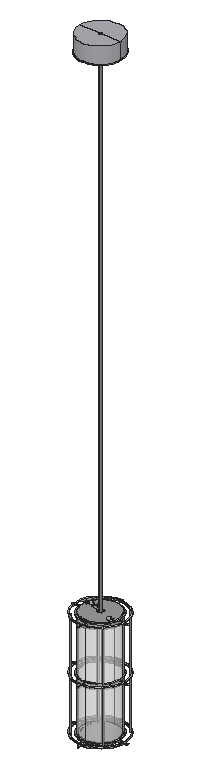
Revit family "Lighting - Lumetta - Pendant - P1415-Full", category Lighting Fixtures, host Ceiling, Revit 2015
Parameters
  Wattage = 19.2793 W
  built-in parameter 1150110 = 1 (stored number, unit not read)
  URL = "https://lumetta.com/luminaires/turret-pendant/"
  Type Comments = "Turret Pendant "  # constant formula
  built-in parameter 1114217 = 1 (stored number, unit not read)
  Top-Bottom Lens Radius [instance] = Fixture Inner Radius - 0' 0 5/32"  # 0' - 2 19/32"
  Top Lens-Material [instance] = Acrylic - 2447 - White
  Top Lens [instance] = yes
  built-in parameter 1150109 = 1 (stored number, unit not read)
  built-in parameter 1150134 = (empty or 0)
  Suspension [instance] = 2
  built-in parameter 1150113 = 1 (stored number, unit not read)
  Stem or Cord with Blst-Drvr in canopy [instance] = or(Suspension = 2, Suspension = 3)  # yes
  Stem Hung-ALL Lamping [instance] = Suspension = 3  # no
  P1415 URL [instance] = "https://lumetta.com/luminaires/turret-pendant/"
  Light Source Symbol Size = 0' - 1"
  Fixture Outer Radius [instance] = 0' - 3 1/2"
  Fixture Inner Radius [instance] = 0' - 2 3/4"
  Fixture Diameter [instance] = 2 * Fixture Inner Radius  # 0' - 5 1/2"
  Coupling-Stems Over 60 inches [instance] = and([Stem Hung-ALL Lamping], Fixture Drop > 5' 0")  # no
  Model = "P1415"  # constant formula
  Manufacturer = "Lumetta, Inc."  # constant formula
  Lumens = 2140 lm
  built-in parameter 1150115 = 1 (stored number, unit not read)
  built-in parameter 1150105 = 170.3 (stored number, unit not read)
  built-in parameter 1150137 = (empty or 0)
  built-in parameter 1150139 = (empty or 0)
  built-in parameter 1150112 = 1 (stored number, unit not read)
  built-in parameter 1150114 = 1 (stored number, unit not read)
  built-in parameter 1150132 = 2
  built-in parameter 1150102 = (empty or 0)
  built-in parameter 1150138 = (empty or 0)
  built-in parameter 1150107 = 3000 (stored number, unit not read)
  built-in parameter 1150106 = 1.703 (stored number, unit not read)
  Frame Finish [instance] = Paint - Lumetta - F02 - PC_Chrome
  Fixture Height [instance] = 1' - 3"
  Fixture Drop [instance] = 6' - 0"
  built-in parameter 1150104 = 10.312 (stored number, unit not read)
  Dimming Lamp Color Temperature Shift = (empty or 0)
  Diffuser Material [instance] = Shade - Lumetta - D61 - MT_White
  Description = "Turret Pendant "  # constant formula
  Cord Hung-Incan-CFL-2 Wire Dimming [instance] = Suspension = 1  # no
  Cord Hung-Blst-Drvr in Canopy [instance] = or(Suspension = 1, Suspension = 2)  # yes
  Bottom Lens-Material [instance] = Acrylic - P95 - Etched White
  Bottom Lens [instance] = yes
  Cord Hung-3 and 4 Wire Dimming-ALL [instance] = Suspension = 2  # yes
  Cord Color [instance] = Cord, Black
  Color Filter = 16777215
  built-in parameter 1114218 = 1 (stored number, unit not read)
  built-in parameter 1150133 = 10 (stored number, unit not read)
Reference planes (in)
  plane 1 "Light Source Axis (F/B)": y = 0
  plane 2 "Ceiling": z = 96
  plane 3 "Light Source Axis (L/R)": x = 0
  plane 4 "Light Source Elevation": z = 21
  plane 5 "Fixture-Top": z = 24
  plane 6 "Fixture-Inner Radius": x = 2.75
  plane 7 "Fixture-Height": z = 9
  plane 8: y = 0
  plane 9: x = 1.9375
  plane 10 "Outer BTM-Flat Plane": z = 10.44187
  plane 11 "Middle Ring": z = 16.5
  plane 12 "Fixture-Outer Radius": x = 3.5
Forms (in)
  Revolve 1, solid, material "Paint - Lumetta - F02 - PC_Chrome" <- "Frame Finish", visible <- "Cord Hung-Incan-CFL-2 Wire Dimming"
    sketch origin (0, 0, 0) x (1, 0, 0) y (0, 0, 1)
      loop
        line (0, 96) -> (0, 95.65) -> (2.125, 95.65)
        arc (2.125, 95.65) -> (2.21339, 95.68661) -> (2.25, 95.775) r 0.125
        line (2.25, 95.775) -> (2.25, 96) -> (0, 96)
      axis (0, 96) -> (0, 95.65)
    angle from 0 to 360
  Extrusion 2, solid, material "Paint - Lumetta - F02 - PC_Chrome" <- "Frame Finish", visible <- "Stem Hung-ALL Lamping"
    sketch origin (0, 0, 24) x (0, -1, 0) y (-1, 0, 0)
      loop
        circle (0, 0) r 0.25
    from 0.05815 to -72
  Revolve 3, solid, material "Paint - Lumetta - F02 - PC_Chrome" <- "Frame Finish", visible <- "Coupling-Stems Over 60 inches"
    sketch origin (0, 0, 0) x (1, 0, 0) y (0, 0, 1)
      loop
        line (0, 86.53023) -> (0, 86) -> (0.26233, 86)
        arc (0.26233, 86) -> (0.31307, 86.05074) -> (0.26233, 86.10149) r 0.05074
        arc (0.26233, 86.10149) -> (0.29304, 86.26499) -> (0.26243, 86.42851) r 0.45126
        arc (0.26243, 86.42851) -> (0.31329, 86.47937) -> (0.26243, 86.53023) r 0.05086
        line (0.26243, 86.53023) -> (0, 86.53023)
      axis (0, 86.53023) -> (0, 86)
    angle from 0 to 360
  Extrusion 4, solid, material "Cord, Black" <- "Cord Color", visible <- "Cord Hung-Blst-Drvr in Canopy"
    sketch origin (0, 0, 24) x (0, -1, 0) y (1, 0, 0)
      loop
        circle (0, 0) r 0.15674
    from -0.05815 to 72
  Extrusion 5, solid, material "Paint - Lumetta - F02 - PC_Chrome" <- "Frame Finish"
    sketch origin (0, 0, 24) x (0, -1, 0) y (1, 0, 0)
      loop
        circle (0, 0) r 0.26562
      loop
        arc (-1.29906, -1.503) -> (-1.30857, -1.55084) -> (-1.29906, -1.59867) r 0.125
        line (-1.29906, -1.59867) -> (-1.20339, -1.82964)
        arc (-1.20339, -1.82964) -> (-1.17629, -1.8702) -> (-1.13574, -1.89729) r 0.125
        line (-1.13574, -1.89729) -> (-0.5385, -2.14468)
        arc (-0.5385, -2.14468) -> (-0.49067, -2.15419) -> (-0.44283, -2.14468) r 0.125
        line (-0.44283, -2.14468) -> (-0.21186, -2.04901)
        arc (-0.21186, -2.04901) -> (-0.17131, -2.02191) -> (-0.14421, -1.98136) r 0.125
        line (-0.14421, -1.98136) -> (1.29906, 1.503)
        arc (1.29906, 1.503) -> (1.30857, 1.55084) -> (1.29906, 1.59867) r 0.125
        line (1.29906, 1.59867) -> (1.20339, 1.82964)
        arc (1.20339, 1.82964) -> (1.17629, 1.8702) -> (1.13574, 1.89729) r 0.125
        line (1.13574, 1.89729) -> (0.5385, 2.14468)
        arc (0.5385, 2.14468) -> (0.49067, 2.15419) -> (0.44283, 2.14468) r 0.125
        line (0.44283, 2.14468) -> (0.21186, 2.04901)
        arc (0.21186, 2.04901) -> (0.17131, 2.02191) -> (0.14421, 1.98136) r 0.125
        line (0.14421, 1.98136) -> (-1.29906, -1.503)
      loop
        circle (0.74145, 1.79002) r 0.07846
      loop
        circle (-0.74145, -1.79002) r 0.07846
    from -0.05815 to 0
  Revolve 6, solid, material "Paint - Lumetta - F02 - PC_Chrome" <- "Frame Finish", visible <- "Cord Hung-Incan-CFL-2 Wire Dimming"
    sketch origin (0, 0, 0) x (1, 0, 0) y (0, 0, 1)
      loop
        line (0, 95.65) -> (0, 95.15) -> (0.28125, 95.15) -> (0.375, 95.65) -> (0, 95.65)
      axis (0, 95.65) -> (0, 95.15)
    angle from 0 to 360
  Revolve 7, solid, material "Paint - Lumetta - F02 - PC_Chrome" <- "Frame Finish", visible <- "Stem or Cord with Blst-Drvr in canopy"
    sketch origin (0, 0, 0) x (1, 0, 0) y (0, 0, 1)
      loop
        line (1.9375, 93.72) -> (1.9375, 93.37095)
        arc (1.9375, 93.37095) -> (2.11821, 93.50953) -> (2.03125, 93.72) r 0.18712
        line (2.03125, 93.72) -> (1.9375, 93.72)
      axis (1.9375, 93.72) -> (1.9375, 93.37095)
    angle from 0 to 360
  Revolve 8, solid, material "Paint - Lumetta - F02 - PC_Chrome" <- "Frame Finish", visible <- "Stem or Cord with Blst-Drvr in canopy"
    sketch origin (0, 0, 0) x (-1, 0, 0) y (0, 0, 1)
      loop
        line (1.9375, 93.72) -> (1.9375, 93.37095)
        arc (1.9375, 93.37095) -> (2.11821, 93.50953) -> (2.03125, 93.72) r 0.18712
        line (2.03125, 93.72) -> (1.9375, 93.72)
      axis (1.9375, 93.72) -> (1.9375, 93.37095)
    angle from 0 to 360
  Revolve 9, solid, material "Paint - Lumetta - F02 - PC_Chrome" <- "Frame Finish"
    sketch origin (0, 0, 0) x (1, 0, 0) y (0, 0, 1)
      loop
        circle (2.6825, 23.9325) r 0.0675
      axis (0, 23.9325) -> (0, 23.89313)
    angle from 0 to 360
  Revolve 10, solid, material "Paint - Lumetta - F02 - PC_Chrome" <- "Frame Finish"
    sketch origin (0, 0, 0) x (1, 0, 0) y (0, 0, 1)
      loop
        circle (2.6825, 9.0675) r 0.0675
      axis (0, 9.0675) -> (0, 9.02813)
    angle from 0 to 360
  Extrusion 11, solid, material "Paint - Lumetta - F02 - PC_Chrome" <- "Frame Finish"
    sketch origin (0, 0, 24) x (0, -1, 0) y (1, 0, 0)
      loop
        line (0.14198, 1.64934) -> (1.06586, 1.26666) -> (1.4705, 2.24353)
        arc (1.4705, 2.24353) -> (1.02655, 2.47831) -> (0.54662, 2.62622) r 2.6825
        line (0.54662, 2.62622) -> (0.14198, 1.64934)
      loop
        circle (0.74145, 1.79002) r 0.09375
      loop
        line (-1.06586, -1.26666) -> (-1.4705, -2.24353)
        arc (-1.4705, -2.24353) -> (-1.02655, -2.47831) -> (-0.54662, -2.62622) r 2.6825
        line (-0.54662, -2.62622) -> (-0.14198, -1.64934) -> (-1.06586, -1.26666)
      loop
        circle (-0.74145, -1.79002) r 0.09375
    from 0 to 0.07325
  Revolve 12, solid, material "Paint - Lumetta - F02 - PC_Chrome" <- "Frame Finish", visible <- "Stem Hung-ALL Lamping"
    sketch origin (0, 0, 0) x (1, 0, 0) y (0, 0, 1)
      loop
        line (0, 96.0012) -> (0, 93.40625) -> (0.34988, 93.40625)
        arc (0.34988, 93.40625) -> (0.49124, 93.54417) -> (0.58115, 93.72) r 0.61026
        line (0.58115, 93.72) -> (3, 93.72) -> (3, 93.78) -> (2.875, 93.78) -> (2.875, 96.0012) -> (0, 96.0012)
      axis (0, 96.0012) -> (0, 93.40625)
    angle from 0 to 360
  Revolve 13, solid, material "Paint - Lumetta - F02 - PC_Chrome" <- "Frame Finish"
    sketch origin (0, 0, 6.25) x (1, 0, 0) y (0, 0, 1)
      loop
        circle (2.6825, 10.25) r 0.0675
      axis (0, 10.25) -> (0, 10.21063)
    angle from 0 to 360
  Extrusion 14, solid, material "Paint - Lumetta - F02 - PC_Chrome" <- "Frame Finish"
    sketch origin (0, 0, 24) x (0, -1, 0) y (1, 0, 0)
      loop
        circle (1.80153, 1.80153) r 0.0675
      loop
        circle (2.33755, 2.33755) r 0.0675
      loop
        circle (1.80153, -1.80153) r 0.0675
      loop
        circle (2.33755, -2.33755) r 0.0675
      loop
        circle (-1.80153, -1.80153) r 0.0675
      loop
        circle (-2.33755, -2.33755) r 0.0675
      loop
        circle (-1.80153, 1.80153) r 0.0675
      loop
        circle (-2.33755, 2.33755) r 0.0675
    from 0 to -15
  Revolve 15, solid, material "Paint - Lumetta - F02 - PC_Chrome" <- "Frame Finish"
    sketch origin (0, 0, 0) x (-0.92388, 0.382683, 0) y (0, 0, 1)
      loop
        arc (2.0625, 24.07325) -> (2.11266, 24.27991) -> (1.9375, 24.4005) r 0.1875
        line (1.9375, 24.4005) -> (1.9375, 24.07325) -> (2.0625, 24.07325)
      axis (1.9375, 24.4005) -> (1.9375, 24.07325)
    angle from 0 to 360
  Extrusion 16, solid, material "Shade - Lumetta - D61 - MT_White" <- "Diffuser Material"
    sketch origin (0, 0, 24) x (0, -1, 0) y (1, 0, 0)
      loop
        circle (0, 0) r 2.48
      loop
        circle (0, 0) r 2.44875
    from -15 to 0
  Extrusion 17, solid, material "Paint - Lumetta - F02 - PC_Chrome" <- "Frame Finish", visible <- "Bottom Lens"
    sketch origin (0, 0, 13) x (0, -1, 0) y (1, 0, 0)
      loop
        circle (0, 0) r 2.65625
      loop
        circle (0, 0) r 2.15625
    from -4.05888 to -4
  Extrusion 18, solid, material "Acrylic - P95 - Etched White" <- "Bottom Lens-Material", visible <- "Bottom Lens"
    sketch origin (0, 0, 9) x (0, -1, 0) y (1, 0, 0)
      loop
        circle (0, 0) r 2.40625
    from 0 to 0.11365
  Extrusion 19, solid, material "Acrylic - 2447 - White" <- "Top Lens-Material", visible <- "Top Lens"
    sketch origin (0.01229, 0, 24.07325) x (0, -1, 0) y (1, 0, 0)
      loop
        arc (0.69779, 2.3798) -> (0.69609, 2.4314) -> (0.65614, 2.46411) r 0.0625
        arc (0.65614, 2.46411) -> (-2.3532, 0.98339) -> (-1.29245, -2.19836) r 2.55
        arc (-1.29245, -2.19836) -> (-1.24092, -2.20373) -> (-1.20304, -2.16839) r 0.0625
        line (-1.20304, -2.16839) -> (-0.40914, -0.25173)
        arc (-0.40914, -0.25173) -> (-0.39963, -0.20525) -> (-0.40813, -0.15857) r 0.125
        arc (-0.40813, -0.15857) -> (0.16702, 0.40428) -> (0.17571, -0.4004) r 0.4375
        arc (0.17571, -0.4004) -> (0.13669, -0.4274) -> (0.11055, -0.46699) r 0.125
        line (0.11055, -0.46699) -> (-0.68336, -2.38365)
        arc (-0.68336, -2.38365) -> (-0.68156, -2.43543) -> (-0.64132, -2.46806) r 0.0625
        arc (-0.64132, -2.46806) -> (2.35857, -0.96829) -> (1.27767, 2.20666) r 2.55
        arc (1.27767, 2.20666) -> (1.2263, 2.21178) -> (1.1886, 2.1765) r 0.0625
        line (1.1886, 2.1765) -> (0.98645, 1.68845)
        arc (0.98645, 1.68845) -> (0.63939, 1.54469) -> (0.49564, 1.89175) r 0.26562
        line (0.49564, 1.89175) -> (0.69779, 2.3798)
    from 0 to 0.05449
  Revolve 20, solid, material "Paint - Lumetta - F02 - PC_Chrome" <- "Frame Finish", visible <- "Cord Hung-3 and 4 Wire Dimming-ALL"
    sketch origin (0, 0, -2.02309) x (1, 0, 0) y (0, 0, 1)
      loop
        line (0, 95.74309) -> (0, 95.24309) -> (0.28125, 95.24309) -> (0.375, 95.74309) -> (0, 95.74309)
      axis (0, 95.74309) -> (0, 95.24309)
    angle from 0 to 360
  Revolve 21, solid, material "Paint - Lumetta - F02 - PC_Chrome" <- "Frame Finish", visible <- "Cord Hung-3 and 4 Wire Dimming-ALL"
    sketch origin (0, 0, 0) x (1, 0, 0) y (0, 0, 1)
      loop
        line (0, 96) -> (0, 93.72) -> (3, 93.72) -> (3, 93.78125) -> (2.875, 93.78125) -> (2.875, 96) -> (0, 96)
      axis (0, 96) -> (0, 93.72)
    angle from 0 to 360
  Revolve 22, solid
    sketch origin (0, 0, 0) x (1, 0, 0) y (0, 0, 1)
      loop
        circle (3.4325, 23.9325) r 0.0675
      loop
        circle (3.4325, 16.5) r 0.0675
      loop
        circle (3.4325, 9.0675) r 0.0675
      axis (0, 23.9325) -> (0, 9.0675)
    angle from 0 to 360
  Revolve 23, solid, material "Paint - Lumetta - F02 - PC_Chrome" <- "Frame Finish"
    sketch origin (0, 0, 0) x (0.92388, -0.382683, 0) y (0, 0, 1)
      loop
        arc (2.0625, 24.07325) -> (2.11266, 24.27991) -> (1.9375, 24.4005) r 0.1875
        line (1.9375, 24.4005) -> (1.9375, 24.07325) -> (2.0625, 24.07325)
      axis (1.9375, 24.4005) -> (1.9375, 24.07325)
    angle from 0 to 360
  Extrusion 24, solid
    sketch origin (0, 0, 0) x (1, 0, 0) y (0, 0, 1)
      loop
        circle (0, 23.7975) r 0.0675
      loop
        circle (0, 16.365) r 0.0675
      loop
        circle (0, 8.9325) r 0.0675
    from 2.6555 to 3.8461
  Extrusion 25, solid
    sketch origin (0, 0, 0) x (0, 1, 0) y (0, 0, 1)
      loop
        circle (0, 23.7975) r 0.0675
      loop
        circle (0, 16.365) r 0.0675
      loop
        circle (0, 8.9325) r 0.0675
    from 2.6555 to 3.8461
  Extrusion 26, solid
    sketch origin (0, 0, 0) x (-1, 0, 0) y (0, 0, 1)
      loop
        circle (0, 23.7975) r 0.0675
      loop
        circle (0, 16.365) r 0.0675
      loop
        circle (0, 8.9325) r 0.0675
    from 2.6555 to 3.8461
  Extrusion 27, solid
    sketch origin (0, 0, 0) x (0, -1, 0) y (0, 0, 1)
      loop
        circle (0, 23.7975) r 0.0675
      loop
        circle (0, 16.365) r 0.0675
      loop
        circle (0, 8.9325) r 0.0675
    from 2.6555 to 3.8461
Lines and regions (in)
  reference lines
    curve 1: line (0, 0, 24) -> (3.28245, -3.28245, 24)
Dimensions and locks (in)
  equal spacing: host sketch curve, plane 3 "Light Source Axis (L/R)", host sketch curve
  equal spacing: host sketch curve, plane 1 "Light Source Axis (F/B)", host sketch curve
  host sketch curve to host sketch curve = 10' - 0"  (x2)
  "Fixture Drop": plane 2 "Ceiling" to plane 5 "Fixture-Top"
  plane 5 "Fixture-Top" to plane 4 "Light Source Elevation" = 0' - 3"
  "Fixture Inner Radius": plane 6 "Fixture-Inner Radius" to plane 3 "Light Source Axis (L/R)"
  "Fixture Height": plane 5 "Fixture-Top" to plane 7 "Fixture-Height"
  locked: Extrusion 2 sketch curve to imposter light
  locked: Extrusion 2 sketch curve to imposter light at 0
  Revolve 3 sketch curve to Revolve 3 sketch curve = 0' - 0.15822"
  locked: Revolve 3 sketch curve to Revolve 3 sketch curve at 0.53023
  locked: Revolve 3 sketch curve to Revolve 3 sketch curve at 0.26243
  locked: Revolve 3 sketch curve to Revolve 3 sketch curve at 0.26233
  locked: Revolve 3 sketch curve to Revolve 3 sketch curve at 0.05074
  locked: Revolve 3 sketch curve to Revolve 3 sketch curve at 0.47937
  locked: Revolve 3 sketch curve to Revolve 3 sketch curve at 0.26512
  locked: Revolve 1 to Revolve 6 sketch curve at 0.5
  plane 5 "Fixture-Top" to Revolve 9 sketch curve = 0' - 0.0675"
  locked: Extrusion 11 sketch curve to Extrusion 11 sketch curve at 1
  locked: Extrusion 11 to plane 5 "Fixture-Top" at 0.07325
  locked: plane 5 "Fixture-Top" to Extrusion 5 at 0.05815
  locked: Revolve 12 sketch curve to Revolve 12 sketch curve at 2.875
  locked: Revolve 12 sketch curve to Revolve 12 sketch curve at 0.31375
  locked: plane 2 "Ceiling" to Revolve 12 sketch curve at 2.28
  locked: Revolve 12 sketch curve to plane 3 "Light Source Axis (L/R)" at 0
  locked: Revolve 12 sketch curve to plane 2 "Ceiling" at 0.0012
  locked: plane 5 "Fixture-Top" to plane 10 "Outer BTM-Flat Plane" at 13.55813
  locked: plane 2 "Ceiling" to Revolve 1 sketch curve at 0.35
  locked: Revolve 1 sketch curve to plane 2 "Ceiling"
  locked: Revolve 1 sketch curve to plane 3 "Light Source Axis (L/R)" at 2.25
  locked: plane 2 "Ceiling" to Revolve 6 sketch curve at 0.35
  locked: Revolve 10 sketch curve to plane 7 "Fixture-Height" at 0.0675
  locked: plane 6 "Fixture-Inner Radius" to Revolve 10 sketch curve at 0.0675
  locked: Extrusion 11 sketch curve to Extrusion 11 sketch curve at 3.15625
  locked: Extrusion 11 sketch curve to Extrusion 11 sketch curve at 3.875
  locked: plane 5 "Fixture-Top" to plane 11 "Middle Ring" at 7.5
  locked: plane 6 "Fixture-Inner Radius" to Revolve 13 sketch curve at 0.0675
  locked: Revolve 13 sketch curve to plane 11 "Middle Ring"
  locked: Revolve 15 sketch curve to Revolve 15 sketch curve at 0.13975
  Revolve 15 sketch curve to Extrusion 11 = 0' - 0"
  locked: plane 7 "Fixture-Height" to Extrusion 17 at 0.05888
  locked: Extrusion 18 to plane 7 "Fixture-Height" at 0.11365
  locked: Extrusion 19 to Extrusion 19 at 0.05449
  locked: Revolve 12 sketch curve to plane 3 "Light Source Axis (L/R)" at 3
  locked: Revolve 21 sketch curve to plane 2 "Ceiling"
  locked: plane 3 "Light Source Axis (L/R)" to Revolve 21 sketch curve at 2.875
  locked: plane 2 "Ceiling" to Revolve 21 sketch curve at 2.28
  locked: Revolve 21 sketch curve to Revolve 21 sketch curve at 0.06125
  locked: Revolve 21 sketch curve to Revolve 21 sketch curve at 0.125
  locked: Revolve 21 sketch curve to plane 3 "Light Source Axis (L/R)" at 0
  locked: Revolve 20 sketch curve to Revolve 20 sketch curve at 0.5
  locked: Revolve 20 sketch curve to Revolve 20 sketch curve at 0
  locked: Revolve 20 sketch curve to Revolve 20 sketch curve at 0.375
  locked: Revolve 20 sketch curve to Revolve 20 sketch curve at 0.28125
  locked: plane 2 "Ceiling" to Revolve 20 sketch curve at 2.28
  locked: Extrusion 17 to plane 7 "Fixture-Height" at 0
  "Fixture Outer Radius": plane 3 "Light Source Axis (L/R)" to plane 12 "Fixture-Outer Radius"
  locked: Revolve 22 sketch curve to plane 12 "Fixture-Outer Radius" at 0.0675  (x3)
  locked: plane 5 "Fixture-Top" to Revolve 22 sketch curve at 0.0675
  locked: plane 6 "Fixture-Inner Radius" to Revolve 9 sketch curve at 0.0675
  locked: plane 5 "Fixture-Top" to Revolve 9 sketch curve at 0.0675
  Revolve 22 sketch curve to plane 11 "Middle Ring" = 0' - 0"
  locked: Revolve 22 sketch curve to plane 7 "Fixture-Height" at 0.0675
  locked: plane 3 "Light Source Axis (L/R)" to Extrusion 14 sketch curve at 2.33755
  locked: plane 8 to Extrusion 14 sketch curve at 1.80153
  locked: plane 8 to Extrusion 14 sketch curve at 2.33755
  locked: plane 3 "Light Source Axis (L/R)" to Extrusion 14 sketch curve at 1.80153
  locked: Revolve 23 sketch curve to Revolve 23 sketch curve at 0.13975
  locked: Extrusion 24 sketch curve to plane 3 "Light Source Axis (L/R)" at 0  (x3)
  locked: plane 7 "Fixture-Height" to Extrusion 24 sketch curve at 0.0675
  locked: plane 11 "Middle Ring" to Extrusion 24 sketch curve at 0.135
  locked: plane 5 "Fixture-Top" to Extrusion 24 sketch curve at 0.2025
  locked: curve 1 to plane 8 (angle 45.00°)
  aligned and locked: plane 3 "Light Source Axis (L/R)" to imposter light
  aligned and locked: plane 1 "Light Source Axis (F/B)" to imposter light
  aligned and locked: plane 4 "Light Source Elevation" to imposter light
  aligned and locked: Revolve 3 sketch curve to Revolve 3 sketch curve  (x2)
  aligned and locked: host ceiling to Extrusion 2
  aligned and locked: host ceiling to Extrusion 4
  aligned and locked: Extrusion 5 to Extrusion 2
  aligned and locked: Revolve 7 sketch curve to plane 9
  aligned and locked: Revolve 10 sketch curve to plane 3 "Light Source Axis (L/R)"
  aligned and locked: plane 5 "Fixture-Top" to Extrusion 11
  aligned and locked: Extrusion 5 to plane 5 "Fixture-Top"
  aligned and locked: plane 7 "Fixture-Height" to Extrusion 14
  aligned and locked: Extrusion 16 to plane 5 "Fixture-Top"
  aligned and locked: plane 7 "Fixture-Height" to Extrusion 18
  aligned and locked: Extrusion 19 to Extrusion 11
  aligned and locked: plane 7 "Fixture-Height" to Extrusion 16
  aligned and locked: Extrusion 2 to Extrusion 4
Automatic sketch dimensions
  Revolve 1 sketch curve to plane 3 "Light Source Axis (L/R)" = 0' - 0"  (x2)
  Revolve 1 sketch curve to Revolve 1 sketch curve = 0' - 0 1/8"
  Revolve 1 sketch curve to plane 5 "Fixture-Top" = 0' - 1 1/4"
  plane 2 "Ceiling" to Revolve 1 sketch curve = 0' - 9 3/4"
  Revolve 3 sketch curve to plane 3 "Light Source Axis (L/R)" = 0' - 0"
  Revolve 3 sketch curve to plane 2 "Ceiling" = 0' - 10"
  Revolve 3 sketch curve to Revolve 3 sketch curve = 0' - 11.34317"
  plane 1 "Light Source Axis (F/B)" to Extrusion 4 sketch curve = 0' - 0"
  Extrusion 4 sketch curve to plane 3 "Light Source Axis (L/R)" = 0' - 0"
  Revolve 6 sketch curve to plane 3 "Light Source Axis (L/R)" = 0' - 0"  (x2)
  Revolve 6 sketch curve to Revolve 6 sketch curve = 0' - 0 9/32"
  Revolve 6 sketch curve to Revolve 6 sketch curve = 0' - 0 3/8"
  Revolve 6 sketch curve to Revolve 6 sketch curve = 0' - 1 1/4"
  plane 2 "Ceiling" to Revolve 6 sketch curve = 0' - 6 11/16"
  Revolve 7 sketch curve to plane 9 = 0' - 0"
  plane 9 to Revolve 7 sketch curve = 0' - 0 3/32"
  Revolve 7 sketch curve to plane 2 "Ceiling" = 0' - 2.62905"
  Revolve 7 sketch curve to Revolve 7 sketch curve = 0' - 0.18712"
  Revolve 7 sketch curve to Revolve 7 sketch curve = 0' - 1.15095"
  plane 2 "Ceiling" to Revolve 7 sketch curve = 0' - 0.72"
  plane 3 "Light Source Axis (L/R)" to Revolve 8 sketch curve = 0' - 1 15/16"
  Revolve 8 sketch curve to Revolve 8 sketch curve = 0' - 0 3/32"
  plane 2 "Ceiling" to Revolve 8 sketch curve = 0' - 2.62905"
  Revolve 8 sketch curve to Revolve 8 sketch curve = 0' - 0.18712"
  Revolve 8 sketch curve to Revolve 8 sketch curve = 0' - 0"
  Revolve 8 sketch curve to Revolve 8 sketch curve = 0' - 1.15095"
  Revolve 8 sketch curve to plane 2 "Ceiling" = 0' - 0.72"
  Revolve 9 sketch curve to plane 3 "Light Source Axis (L/R)" = 0' - 0"
  Revolve 9 sketch curve to plane 4 "Light Source Elevation" = 0' - 0 1/2"
  Revolve 9 sketch curve to plane 5 "Fixture-Top" = 0' - 2 1/2"
  level to Revolve 10 sketch curve = 0' - 0 3/4"
  Revolve 12 sketch curve to plane 3 "Light Source Axis (L/R)" = 0' - 0"  (x2)
  Revolve 12 sketch curve to Revolve 12 sketch curve = 0' - 0.34988"
  Revolve 12 sketch curve to Revolve 12 sketch curve = 0' - 0.23126"
  Revolve 12 sketch curve to Revolve 12 sketch curve = 0' - 0.06"
  Revolve 12 sketch curve to Revolve 12 sketch curve = 0' - 1.7488"
  Revolve 12 sketch curve to Revolve 12 sketch curve = 0' - 2 1/2"
  Revolve 13 sketch curve to plane 3 "Light Source Axis (L/R)" = 0' - 0"
  Revolve 13 sketch curve to plane 10 "Outer BTM-Flat Plane" = 0' - 3.44187"
  Revolve 13 sketch curve to plane 4 "Light Source Elevation" = 0' - 0 1/2"
  Extrusion 16 sketch curve to Extrusion 16 sketch curve = 0' - 0"  (x2)
  plane 1 "Light Source Axis (F/B)" to Extrusion 16 sketch curve = 0' - 0"
  Extrusion 16 sketch curve to plane 3 "Light Source Axis (L/R)" = 0' - 0"
  Extrusion 17 sketch curve to Extrusion 17 sketch curve = 0' - 0"  (x2)
  plane 1 "Light Source Axis (F/B)" to Extrusion 17 sketch curve = 0' - 0"
  Extrusion 17 sketch curve to plane 3 "Light Source Axis (L/R)" = 0' - 0"
  plane 1 "Light Source Axis (F/B)" to Extrusion 18 sketch curve = 0' - 0"
  Extrusion 18 sketch curve to plane 3 "Light Source Axis (L/R)" = 0' - 0"
  Revolve 21 sketch curve to plane 3 "Light Source Axis (L/R)" = 0' - 0"
  Revolve 21 sketch curve to Revolve 21 sketch curve = 0' - 10.47"
  plane 2 "Ceiling" to Revolve 21 sketch curve = 1' - 0"
  Revolve 20 sketch curve to plane 3 "Light Source Axis (L/R)" = 0' - 0"
  Revolve 20 sketch curve to Revolve 20 sketch curve = 0' - 1.34309"
  plane 2 "Ceiling" to Revolve 20 sketch curve = 0' - 4.66441"
  plane 10 "Outer BTM-Flat Plane" to Revolve 10 sketch curve = 0' - 1.30813"
  Revolve 22 sketch curve to plane 3 "Light Source Axis (L/R)" = 0' - 0"
  plane 4 "Light Source Elevation" to Revolve 22 sketch curve = 0' - 0.83761"
  Revolve 22 sketch curve to plane 4 "Light Source Elevation" = 0' - 1 1/4"
  plane 1 "Light Source Axis (F/B)" to curve 1 = 0' - 0"
  curve 1 to plane 3 "Light Source Axis (L/R)" = 0' - 0"
  plane 1 "Light Source Axis (F/B)" to Extrusion 14 sketch curve = 0' - 1.80153"
  Extrusion 14 sketch curve to plane 1 "Light Source Axis (F/B)" = 0' - 1.80153"  (x2)
  Extrusion 14 sketch curve to plane 9 = 0' - 0.13597"
  Extrusion 14 sketch curve to Extrusion 14 sketch curve = 0' - 0.53602"  (x5)
  Extrusion 14 sketch curve to plane 3 "Light Source Axis (L/R)" = 0' - 1.80153"  (x2)
  plane 9 to Extrusion 14 sketch curve = 0' - 0.40005"
  Extrusion 11 sketch curve to Extrusion 11 sketch curve = 0' - 0"  (x2)
  plane 1 "Light Source Axis (F/B)" to Extrusion 11 sketch curve = 0' - 0"
  Extrusion 11 sketch curve to plane 3 "Light Source Axis (L/R)" = 0' - 0"
  Extrusion 11 sketch curve to plane 1 "Light Source Axis (F/B)" = 0' - 0.14198"
  Extrusion 11 sketch curve to plane 1 "Light Source Axis (F/B)" = 0' - 0.54662"
  Extrusion 11 sketch curve to Extrusion 11 sketch curve = 0' - 0.32441"
  Extrusion 11 sketch curve to plane 6 "Fixture-Inner Radius" = 0' - 0.12378"
  Extrusion 11 sketch curve to plane 9 = 0' - 0.14748"
  Extrusion 11 sketch curve to Extrusion 11 sketch curve = 0' - 0.59947"  (x2)
  Extrusion 11 sketch curve to Extrusion 11 sketch curve = 0' - 0.72905"
  plane 1 "Light Source Axis (F/B)" to Extrusion 11 sketch curve = 0' - 0.14198"
  Extrusion 11 sketch curve to plane 9 = 0' - 0.67084"
  Extrusion 19 sketch curve to Extrusion 19 sketch curve = 0' - 0"  (x9)
  Extrusion 19 sketch curve to plane 1 "Light Source Axis (F/B)" = 0' - 1.26078"
  Extrusion 19 sketch curve to Extrusion 19 sketch curve = 0' - 0.05774"  (x4)
  Extrusion 19 sketch curve to Extrusion 19 sketch curve = 0' - 0.51968"
  Extrusion 19 sketch curve to plane 3 "Light Source Axis (L/R)" = 0' - 0.19161"
  Extrusion 19 sketch curve to plane 1 "Light Source Axis (F/B)" = 0' - 0.52462"
  Extrusion 19 sketch curve to Extrusion 19 sketch curve = 0' - 0.11548"  (x2)
  Extrusion 19 sketch curve to plane 1 "Light Source Axis (F/B)" = 0' - 0.00041"
  plane 1 "Light Source Axis (F/B)" to Extrusion 19 sketch curve = 0' - 0.11055"
  Extrusion 19 sketch curve to plane 9 = 0' - 0.03346"
  plane 1 "Light Source Axis (F/B)" to Extrusion 19 sketch curve = 0' - 0.49564"
  Extrusion 19 sketch curve to Extrusion 19 sketch curve = 0' - 0.14442"
  Extrusion 19 sketch curve to plane 9 = 0' - 0.13511"
  Extrusion 19 sketch curve to Extrusion 19 sketch curve = 0' - 0.24541"
  Extrusion 19 sketch curve to plane 9 = 0' - 0.23676"
  plane 9 to Extrusion 19 sketch curve = 0' - 0.25129"
  Extrusion 19 sketch curve to Extrusion 19 sketch curve = 0' - 0.20216"
  Extrusion 19 sketch curve to Extrusion 19 sketch curve = 0' - 0.04784"  (x2)
  Extrusion 19 sketch curve to plane 3 "Light Source Axis (L/R)" = 0' - 0.4547"
  Extrusion 19 sketch curve to Extrusion 19 sketch curve = 0' - 1.89274"
  Extrusion 19 sketch curve to Extrusion 19 sketch curve = 0' - 0.02392"  (x4)
  Extrusion 19 sketch curve to Extrusion 19 sketch curve = 0' - 0.21526"
  plane 3 "Light Source Axis (L/R)" to Extrusion 19 sketch curve = 0' - 0.01237"
  Extrusion 19 sketch curve to plane 6 "Fixture-Inner Radius" = 0' - 0.35791"
  plane 1 "Light Source Axis (F/B)" to Extrusion 5 sketch curve = 0' - 0"
  Extrusion 5 sketch curve to plane 3 "Light Source Axis (L/R)" = 0' - 0"
  Extrusion 5 sketch curve to plane 1 "Light Source Axis (F/B)" = 0' - 0.14421"
  Extrusion 5 sketch curve to Extrusion 5 sketch curve = 0' - 0.06765"  (x3)
  Extrusion 5 sketch curve to Extrusion 5 sketch curve = 0' - 0.04784"  (x8)
  Extrusion 5 sketch curve to Extrusion 5 sketch curve = 0' - 0.23097"  (x3)
  Extrusion 5 sketch curve to Extrusion 5 sketch curve = 0' - 0.09567"  (x4)
  Extrusion 5 sketch curve to Extrusion 5 sketch curve = 0' - 0.25078"  (x2)
  Extrusion 5 sketch curve to Extrusion 5 sketch curve = 0' - 0.34645"  (x2)
  Extrusion 5 sketch curve to Extrusion 5 sketch curve = 0' - 0.11548"  (x3)
  Extrusion 5 sketch curve to Extrusion 5 sketch curve = 0' - 0"  (x2)
  plane 9 to Extrusion 5 sketch curve = 0' - 0.04386"
  plane 1 "Light Source Axis (F/B)" to Extrusion 5 sketch curve = 0' - 0.14421"
  plane 9 to Extrusion 5 sketch curve = 0' - 0.11151"
  Extrusion 5 sketch curve to plane 9 = 0' - 0.00398"
  plane 9 to Extrusion 5 sketch curve = 0' - 0.20718"  (x2)
  Extrusion 5 sketch curve to plane 9 = 0' - 0.14748"
  Extrusion 5 sketch curve to plane 9 = 0' - 0.15569"
  Extrusion 5 sketch curve to plane 9 = 0' - 0.04021"
  Extrusion 5 sketch curve to plane 9 = 0' - 0.10786"
  Extrusion 5 sketch curve to plane 9 = 0' - 0.4345"
  Extrusion 5 sketch curve to plane 9 = 0' - 0.33883"
  Extrusion 5 sketch curve to plane 3 "Light Source Axis (L/R)" = 0' - 1.503"
  Extrusion 5 sketch curve to Extrusion 5 sketch curve = 0' - 0.00821"
  Extrusion 5 sketch curve to Extrusion 5 sketch curve = 0' - 0.14351"
  plane 9 to Extrusion 5 sketch curve = 0' - 0.09169"
  Revolve 15 sketch curve to Revolve 15 sketch curve = 0' - 0 1/8"
  Revolve 15 sketch curve to Revolve 15 sketch curve = 0' - 0"
  plane 5 "Fixture-Top" to Revolve 15 sketch curve = 0' - 0.44618"
  Revolve 15 sketch curve to Revolve 15 sketch curve = 0' - 0.19786"
  Revolve 23 sketch curve to plane 5 "Fixture-Top" = 0' - 0.213"
  Revolve 23 sketch curve to Revolve 23 sketch curve = 0' - 0 1/8"
  Revolve 23 sketch curve to Revolve 23 sketch curve = 0' - 0"
  plane 5 "Fixture-Top" to Revolve 23 sketch curve = 0' - 0.44618"
  Revolve 23 sketch curve to Revolve 23 sketch curve = 0' - 0.19786"
  Extrusion 25 sketch curve to plane 1 "Light Source Axis (F/B)" = 0' - 0"  (x3)
  plane 7 "Fixture-Height" to Extrusion 25 sketch curve = 0' - 0.0675"
  Extrusion 25 sketch curve to plane 11 "Middle Ring" = 0' - 0.135"
  plane 5 "Fixture-Top" to Extrusion 25 sketch curve = 0' - 0.2025"
  Extrusion 26 sketch curve to plane 3 "Light Source Axis (L/R)" = 0' - 0"  (x3)
  plane 7 "Fixture-Height" to Extrusion 26 sketch curve = 0' - 0.0675"
  Extrusion 26 sketch curve to plane 11 "Middle Ring" = 0' - 0.135"
  plane 5 "Fixture-Top" to Extrusion 26 sketch curve = 0' - 0.2025"
  Extrusion 27 sketch curve to plane 1 "Light Source Axis (F/B)" = 0' - 0"  (x3)
  plane 7 "Fixture-Height" to Extrusion 27 sketch curve = 0' - 0.0675"
  Extrusion 27 sketch curve to plane 11 "Middle Ring" = 0' - 0.135"
  plane 5 "Fixture-Top" to Extrusion 27 sketch curve = 0' - 0.2025"
  radius of Extrusion 2 sketch curve = 0' - 0 1/4"
  radius of Extrusion 4 sketch curve = 0' - 0.15674"
  radius of Revolve 10 sketch curve = 0' - 0.0675"
  radius of Revolve 13 sketch curve = 0' - 0.0675"
  radius of Extrusion 16 sketch curve = 0' - 2.48"
  radius of Extrusion 16 sketch curve = 0' - 2.44875"
  radius of Extrusion 17 sketch curve = 0' - 2 21/32"
  radius of Extrusion 17 sketch curve = 0' - 2 5/32"
  radius of Extrusion 18 sketch curve = 0' - 2 13/32"
  radius of Revolve 9 sketch curve = 0' - 0.0675"
  radius of Revolve 22 sketch curve = 0' - 0.0675"  (x3)
  radius of Extrusion 14 sketch curve = 0' - 0.0675"  (x8)
  radius of Extrusion 11 sketch curve = 0' - 0 3/32"  (x2)
  radius of Extrusion 5 sketch curve = 0' - 0 17/64"
  radius of Extrusion 5 sketch curve = 0' - 0.07846"  (x2)
  radius of Extrusion 24 sketch curve = 0' - 0.0675"  (x3)
  radius of Extrusion 25 sketch curve = 0' - 0.0675"  (x3)
  radius of Extrusion 26 sketch curve = 0' - 0.0675"  (x3)
  radius of Extrusion 27 sketch curve = 0' - 0.0675"  (x3)
